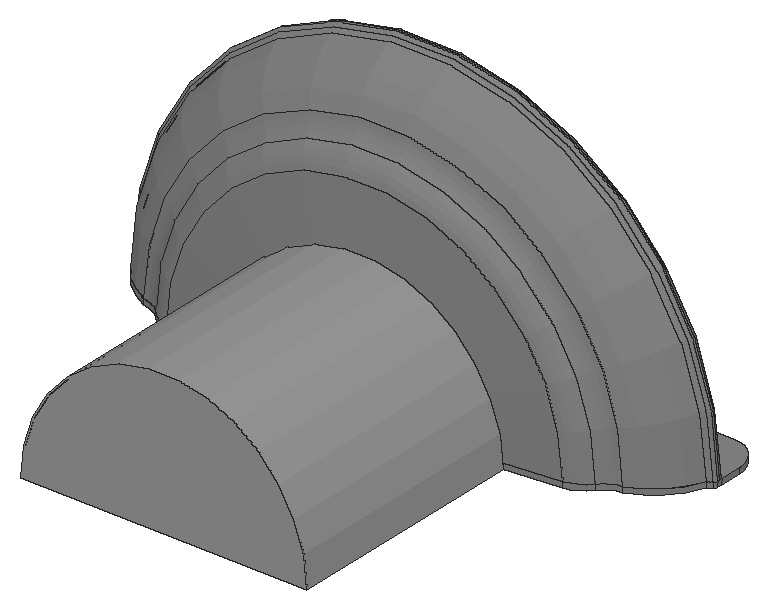
Revit family "Washfountain_4_Staion-Willoughby-WAF-5404-FLR-JR", category Plumbing Fixtures, Revit 2015
Parameters (values of type "Standard")
  water line = Copper
  Waste Connection = no
  Vent Connection = no
  URL = "https://www.willoughby-ind.com/wp-content/uploads/2018/01/WAF-5404.pdf"
  Type Comments = ""
  Solid Surface Sink = Solid Surface Acrylic Resin-Willoughby
  Revision = "A"
  Model = "WAF-5404-FLR-JR"
  Manufacturer = "Willoughby Industries"
  Lav Waste DIA = 1 1/2"
  Lav Waste Connection = yes
  LAV HW DIA = 1/2"
  LAV CW DIA = 1/2"
  HW Connection = yes
  Fixture Body = Stainless Steel AISI 304-Willoughby
  Description = "Floor Mounted 4 Station Washfountain, Junior Height"
  Default Elevation = 0' - 0"
  Contact = "(800) 428-4065"
  CW Connection = yes
Reference planes (in)
  plane 1 "Center (Front/Back)Floor HGT": y = 0
  plane 2: z = 0
  plane 3 "Center (Left/Right)": x = 0
  plane 4 "unit body HGT": y = 39
  plane 5: y = 39.5
  plane 6 "Sink HGT": y = 34
  plane 7 "Base HGT": y = 9.5
  plane 8 "Sink Drain": y = 19.5
  plane 9 "Bottom Of Bowl": y = 25.5
  plane 10: x = -6.845
  plane 11: x = 6.845
  plane 12: x = -27
  plane 13: z = 27
  plane 14 "Splash Face": z = 0.5
  plane 15: z = 13.25
  plane 16: x = -13.25
  plane 17: x = 13.25
  plane 18 "Water Supply": y = 18.5
  plane 19 "Hot Supply": x = 4
  plane 20 "Cold Supply": x = 8
  plane 21 "bubbler HGT": y = 35.66
  plane 22: y = 14.75
  plane 23: x = -9.5
  plane 24: x = 9.5
Forms (in)
  Extrusion 1, solid, material "Solid Surface Acrylic Resin-Willoughby" <- "Solid Surface Sink"
    sketch origin (0, 0, 0) x (1, 0, 0) y (0, 1, 0)
      loop
        line (-6.845, 25.5) -> (6.845, 25.5) -> (11.52413, 25.68856)
        arc (11.52413, 25.68856) -> (14.92598, 25.93546) -> (18.30491, 26.40063) r 53.01
        arc (18.30491, 26.40063) -> (19.41375, 26.83168) -> (20.31491, 27.60836) r 3.51
        arc (20.31491, 27.60836) -> (21.16213, 28.2452) -> (22.16491, 28.58836) r 3.38
        arc (22.16491, 28.58836) -> (24.73032, 30.26295) -> (26.40491, 32.82836) r 7.45
        arc (26.40491, 32.82836) -> (26.54572, 33.0411) -> (26.75847, 33.18191) r 0.63983
        arc (26.75847, 33.18191) -> (26.93397, 33.32403) -> (27, 33.54) r 0.38621
        line (27, 33.54) -> (27, 34) -> (27, 36)
        arc (27, 36) -> (26.12132, 38.12132) -> (24, 39) r 3
        line (24, 39) -> (0, 39) -> (-24, 39)
        arc (-24, 39) -> (-26.12132, 38.12132) -> (-27, 36) r 3
        line (-27, 36) -> (-27, 34) -> (-27, 33.54)
        arc (-27, 33.54) -> (-26.93397, 33.32403) -> (-26.75847, 33.18191) r 0.38621
        arc (-26.75847, 33.18191) -> (-26.54572, 33.0411) -> (-26.40491, 32.82836) r 0.63983
        arc (-26.40491, 32.82836) -> (-24.73032, 30.26295) -> (-22.16491, 28.58836) r 7.45
        arc (-22.16491, 28.58836) -> (-21.16213, 28.2452) -> (-20.31491, 27.60836) r 3.38
        arc (-20.31491, 27.60836) -> (-19.41375, 26.83168) -> (-18.30491, 26.40063) r 3.51
        arc (-18.30491, 26.40063) -> (-14.92598, 25.93546) -> (-11.52413, 25.68856) r 53.01
        line (-11.52413, 25.68856) -> (-6.845, 25.5)
    from 0 to 0.5
  Revolve 2, solid, material "Solid Surface Acrylic Resin-Willoughby" <- "Solid Surface Sink"
    sketch origin (0, 0, 0.5) x (1, 0, 0) y (0, 1, 0)
      loop
        line (27, 33.54) -> (27, 33.75)
        arc (27, 33.75) -> (26.92678, 33.92678) -> (26.75, 34) r 0.25
        arc (26.75, 34) -> (26.59277, 33.93487) -> (26.52764, 33.77764) r 0.22236
        arc (26.52764, 33.77764) -> (26.51299, 33.66399) -> (26.43525, 33.57981) r 0.1886
        arc (26.43525, 33.57981) -> (26.14057, 33.33951) -> (25.94132, 33.01566) r 1.13983
        arc (25.94132, 33.01566) -> (24.38046, 30.64844) -> (22.02426, 29.07099) r 7.17314
        arc (22.02426, 29.07099) -> (20.89405, 28.6688) -> (19.94072, 27.94059) r 3.88
        arc (19.94072, 27.94059) -> (19.16738, 27.26699) -> (18.21278, 26.89214) r 3.01
        arc (18.21278, 26.89214) -> (14.86971, 26.4323) -> (11.504, 26.18815) r 52.51
        line (11.504, 26.18815) -> (6.83493, 26) -> (0, 26) -> (0, 25.5) -> (6.845, 25.5) -> (11.52413, 25.68856)
        arc (11.52413, 25.68856) -> (14.92598, 25.93546) -> (18.30491, 26.40063) r 53.01
        arc (18.30491, 26.40063) -> (19.41375, 26.83168) -> (20.31491, 27.60836) r 3.51
        arc (20.31491, 27.60836) -> (21.16213, 28.2452) -> (22.16491, 28.58836) r 3.38
        arc (22.16491, 28.58836) -> (24.71623, 30.27704) -> (26.40491, 32.82836) r 7.67314
        arc (26.40491, 32.82836) -> (26.54572, 33.0411) -> (26.75847, 33.18191) r 0.63983
        arc (26.75847, 33.18191) -> (26.93397, 33.32403) -> (27, 33.54) r 0.38621
      axis (0, 34) -> (0, 25.5)
    angle from 0 to -180
  Extrusion 3, solid, material "Solid Surface Acrylic Resin-Willoughby" <- "Solid Surface Sink", detail levels medium+fine
    sketch origin (0, 39, 0) x (-1, 0, 0) y (0, 0, 1)
      loop
        line (0, 0) -> (9.5, 0) -> (9.5, 2.25) -> (7.17997, 10.26834)
        arc (7.17997, 10.26834) -> (6.34293, 11.1678) -> (5.16, 11.5) r 2.27225
        line (5.16, 11.5) -> (0, 11.5) -> (-5.16, 11.5)
        arc (-5.16, 11.5) -> (-6.34293, 11.1678) -> (-7.17997, 10.26834) r 2.27225
        line (-7.17997, 10.26834) -> (-9.5, 2.25) -> (-9.5, 0) -> (0, 0)
    from 0 to 0.5
  Extrusion 4, solid, material "Solid Surface Acrylic Resin-Willoughby" <- "Solid Surface Sink", detail levels medium+fine
    sketch origin (0, 39, 0) x (-1, 0, 0) y (0, 0, 1)
      loop
        line (-9, 0) -> (0, 0) -> (9, 0) -> (9, 2.17912) -> (6.76115, 9.91691)
        arc (6.76115, 9.91691) -> (6.22154, 10.69903) -> (5.32025, 11) r 1.5
        line (5.32025, 11) -> (0, 11) -> (-5.32025, 11)
        arc (-5.32025, 11) -> (-6.22154, 10.69903) -> (-6.76115, 9.91691) r 1.5
        line (-6.76115, 9.91691) -> (-9, 2.17912) -> (-9, 0)
    from 0 to -5
  Revolve 5, solid, material "Stainless Steel AISI 304-Willoughby" <- "Fixture Body"
    sketch origin (0, 0, 0) x (1, 0, 0) y (0, 1, 0)
      loop
        line (-13.25, 25.79323) -> (-13.25, 3.125) -> (0, 3.125) -> (0, 3.2527) -> (-13.125, 3.2527) -> (-13.125, 25.79323) -> (-13.25, 25.79323)
      axis (0, 25.79323) -> (0, 3.125)
    angle from 0 to -180
  Revolve 6, solid, material "Stainless Steel AISI 304-Willoughby" <- "Fixture Body", detail levels medium+fine
    sketch origin (0, 19.5, 0) x (-1, 0, 0) y (0, 0, 1)
      loop
        line (0, 0) -> (0.75, 0) -> (0.75, 3) -> (0, 3) -> (0, 0)
      axis (0, 3) -> (0, 0)
    angle from 0 to 360
  Revolve 7, solid, material "Copper" <- "water line", detail levels medium+fine
    sketch origin (0, 18.5, 0) x (-1, 0, 0) y (0, 0, 1)
      loop
        line (-4, 0) -> (-3.75, 0) -> (-3.75, 3) -> (-4, 3) -> (-4, 0)
      axis (-4, 3) -> (-4, 0)
    angle from 0 to 360
  Revolve 8, solid, material "Copper" <- "water line", detail levels medium+fine
    sketch origin (0, 18.5, 0) x (-1, 0, 0) y (0, 0, 1)
      loop
        line (-8, 0) -> (-7.75, 0) -> (-7.75, 3) -> (-8, 3) -> (-8, 0)
      axis (-8, 3) -> (-8, 0)
    angle from 0 to 360
  Revolve 9, solid, material "Stainless Steel AISI 304-Willoughby" <- "Fixture Body", detail levels fine
    sketch origin (-0.77078, 35.66, 3.56728) x (-0.275637, 0, 0.961262) y (0.961262, 0, 0.275637)
      loop
        line (0, 9) -> (0.75, 9) -> (0.75, 9.5)
        arc (0.75, 9.5) -> (0.53033, 10.03033) -> (0, 10.25) r 0.75
        line (0, 10.25) -> (0, 9)
      axis (0, 10.25) -> (0, 9)
    angle from 0 to 360
  Revolve 10, solid, material "Stainless Steel AISI 304-Willoughby" <- "Fixture Body", detail levels fine
    sketch origin (-0.77078, 0, 3.56728) x (0, 1, 0) y (0.961262, 0, 0.275637)
      loop
        line (34.91, 9.5) -> (35.26355, 9.85355) -> (34.91, 10.20711) -> (34.55645, 9.85355) -> (34.91, 9.5)
      axis (34.91, 10.20711) -> (35.26355, 9.85355)
    angle from 0 to 360
  Revolve 11, solid, material "Stainless Steel AISI 304-Willoughby" <- "Fixture Body", detail levels fine
    sketch origin (0.77078, 35.66, 3.56728) x (0.275637, 0, 0.961262) y (-0.961262, 0, 0.275637)
      loop
        line (0, 9) -> (0.75, 9) -> (0.75, 9.5)
        arc (0.75, 9.5) -> (0.53033, 10.03033) -> (0, 10.25) r 0.75
        line (0, 10.25) -> (0, 9)
      axis (0, 10.25) -> (0, 9)
    angle from 0 to 360
  Revolve 12, solid, material "Stainless Steel AISI 304-Willoughby" <- "Fixture Body", detail levels fine
    sketch origin (0.77078, 0, 3.56728) x (0, 1, 0) y (0.961262, 0, -0.275637)
      loop
        line (34.91, -9.5) -> (34.55645, -9.85355) -> (34.91, -10.20711) -> (35.26355, -9.85355) -> (34.91, -9.5)
      axis (34.91, -10.20711) -> (35.26355, -9.85355)
    angle from 0 to 360
  Revolve 13, solid, material "Stainless Steel AISI 304-Willoughby" <- "Fixture Body", detail levels fine
    sketch origin (3.16, 35.66, 2) x (-1, 0, 0) y (0, 0, 1)
      loop
        line (0, 9) -> (0.75, 9) -> (0.75, 9.5)
        arc (0.75, 9.5) -> (0.53033, 10.03033) -> (0, 10.25) r 0.75
        line (0, 10.25) -> (0, 9)
      axis (0, 10.25) -> (0, 9)
    angle from 0 to 360
  Revolve 14, solid, material "Stainless Steel AISI 304-Willoughby" <- "Fixture Body", detail levels fine
    sketch origin (3.16, 0, 2) x (0, 1, 0) y (0, 0, 1)
      loop
        line (34.91, 9.5) -> (35.26355, 9.85355) -> (34.91, 10.20711) -> (34.55645, 9.85355) -> (34.91, 9.5)
      axis (34.91, 10.20711) -> (35.26355, 9.85355)
    angle from 0 to 360
  Revolve 15, solid, material "Stainless Steel AISI 304-Willoughby" <- "Fixture Body", detail levels fine
    sketch origin (-3.16, 35.66, 2) x (1, 0, 0) y (0, 0, 1)
      loop
        line (0, 9) -> (0.75, 9) -> (0.75, 9.5)
        arc (0.75, 9.5) -> (0.53033, 10.03033) -> (0, 10.25) r 0.75
        line (0, 10.25) -> (0, 9)
      axis (0, 10.25) -> (0, 9)
    angle from 0 to 360
  Revolve 16, solid, material "Stainless Steel AISI 304-Willoughby" <- "Fixture Body", detail levels fine
    sketch origin (-3.16, 0, 2) x (0, 1, 0) y (0, 0, -1)
      loop
        line (34.91, -9.5) -> (34.55645, -9.85355) -> (34.91, -10.20711) -> (35.26355, -9.85355) -> (34.91, -9.5)
      axis (34.91, -10.20711) -> (35.26355, -9.85355)
    angle from 0 to 360
Lines and regions (in)
  symbolic lines
    curve 1: line (-13.25, 25.79323, 0) -> (-13.25, 14.74961, 0)
    curve 2: line (-13.25, 14.74961, 0) -> (13.25, 14.74961, 0)
    curve 3: line (13.25, 14.74961, 0) -> (13.25, 25.79323, 0)
    curve 4: arc (13.25, 25.79323, 0) -> (14.81145, 25.92524, 0) -> (16.36623, 26.12076, 0) r 38.45379
    curve 5: arc (16.36623, 26.12076, 0) -> (17.32316, 26.24841, 0) -> (18.27648, 26.40063, 0) r 37.51632
    curve 6: arc (18.27648, 26.40063, 0) -> (19.40672, 26.8171, 0) -> (20.31491, 27.60836, 0) r 3.33054
    curve 7: arc (20.31491, 27.60836, 0) -> (21.16213, 28.2452, 0) -> (22.16491, 28.58836, 0) r 3.38
    curve 8: arc (22.16491, 28.58836, 0) -> (24.71623, 30.27704, 0) -> (26.40491, 32.82836, 0) r 7.67314
    curve 9: arc (26.40491, 32.82836, 0) -> (26.54572, 33.0411, 0) -> (26.75847, 33.18191, 0) r 0.63983
    curve 10: arc (26.75847, 33.18191, 0) -> (26.93397, 33.32403, 0) -> (27, 33.54, 0) r 0.38621
    curve 11: line (27, 33.54, 0) -> (27, 33.75, 0)
    curve 12: arc (27, 33.75, 0) -> (26.92678, 33.92678, 0) -> (26.75, 34, 0) r 0.25
    curve 14: line (-27, 33.75, 0) -> (-27, 33.54, 0)
    curve 15: arc (-27, 33.54, 0) -> (-26.93397, 33.32403, 0) -> (-26.75847, 33.18191, 0) r 0.38621
    curve 16: arc (-26.75847, 33.18191, 0) -> (-26.54572, 33.0411, 0) -> (-26.40491, 32.82836, 0) r 0.63983
    curve 17: arc (-26.40491, 32.82836, 0) -> (-24.71623, 30.27704, 0) -> (-22.16491, 28.58836, 0) r 7.67314
    curve 18: arc (-22.16491, 28.58836, 0) -> (-21.16213, 28.2452, 0) -> (-20.31491, 27.60836, 0) r 3.38
    curve 19: arc (-20.31491, 27.60836, 0) -> (-19.41375, 26.83168, 0) -> (-18.30491, 26.40063, 0) r 3.51
    curve 20: arc (-18.30491, 26.40063, 0) -> (-15.78528, 26.03184, 0) -> (-13.25, 25.79323, 0) r 49.45833
    curve 21: line (-13.25, 25.79323, 0) -> (13.25, 25.79323, 0)
    curve 22: line (-27, 33.75, 0) -> (-27, 36, 0)
    curve 23: arc (-27, 36, 0) -> (-26.12132, 38.12132, 0) -> (-24, 39, 0) r 3
    curve 24: line (-24, 39, 0) -> (24, 39, 0)
    curve 25: arc (24, 39, 0) -> (26.12132, 38.12132, 0) -> (27, 36, 0) r 3
    curve 26: line (27, 36, 0) -> (27, 33.75, 0)
    curve 29: line (9, 39, 0) -> (6.75, 39, 0)
    curve 30: line (9.5, 39.5, 0) -> (-9.5, 39.5, 0)
    curve 31: line (-9.5, 39.5, 0) -> (-9.5, 39, 0)
    curve 36: line (0, 14.74961, 0) -> (0, 14.74961, 13.25)
    curve 37: line (0, 14.74961, 13.25) -> (0, 25.75, 13.25)
    curve 38: arc (0, 25.75, 13.25) -> (0, 26.01168, 16.03491) -> (0, 26.40063, 18.80491) r 61.05831
    curve 39: arc (0, 26.40063, 18.80491) -> (0, 26.81192, 19.92562) -> (0, 27.60836, 20.81491) r 3.17176
    curve 40: arc (0, 27.60836, 20.81491) -> (0, 28.24513, 21.66216) -> (0, 28.58836, 22.66491) r 3.38151
    curve 41: arc (0, 28.58836, 22.66491) -> (0, 30.28272, 25.21633) -> (0, 32.83523, 26.90905) r 7.72708
    curve 42: arc (0, 32.83523, 26.90905) -> (0, 33.01009, 27.01646) -> (0, 33.14079, 27.17468) r 0.6256
    curve 43: arc (0, 33.14079, 27.17468) -> (0, 33.17429, 27.23751) -> (0, 33.20318, 27.30258) r 0.99038
    curve 44: arc (0, 33.20318, 27.30258) -> (0, 33.34154, 27.44497) -> (0, 33.53222, 27.50029) r 0.38807
    curve 45: line (0, 33.53222, 27.50029) -> (0, 33.76887, 27.50029)
    curve 46: arc (0, 33.76887, 27.50029) -> (0, 33.93547, 27.41789) -> (0, 34, 27.24359) r 0.25151
    curve 47: line (0, 34, 27.24359) -> (0, 34, 0.5)
    curve 48: line (0, 34, 0.5) -> (0, 39, 0.5)
    curve 49: line (0, 39, 0.5) -> (0, 39, 0)
    curve 50: line (0, 39, 0) -> (0, 14.74961, 0)
    curve 51: line (0, 25.5, 0) -> (0, 25.5, 7.345)
    curve 52: arc (0, 25.5, 7.345) -> (0, 25.60809, 10.29822) -> (0, 25.75, 13.25) r 257.93764
    curve 58: line (27, 35.66, 0) -> (27, 35.66, 0.5)
    curve 60: line (-27, 35.66, 0.5) -> (-27, 35.66, 0)
    curve 61: line (-27, 35.66, 0) -> (27, 35.66, 0)
    curve 62: arc (27, 35.66, 0.5) -> (0, 35.66, 27.5) -> (-27, 35.66, 0.5) r 27
    curve 63: line (9.5, 39.5, 0) -> (9.5, 39, 0)
    curve 64: line (-10.5, 14.74961, 0) -> (-10.5, 0, 0)
    curve 65: line (-10.5, 0, 0) -> (10.5, 0, 0)
    curve 66: line (10.5, 0, 0) -> (10.5, 14.74961, 0)
    curve 67: line (9.5, 14.74961, 0) -> (9.5, 0, 0)
    curve 68: line (-9.5, 14.74961, 0) -> (-9.5, 0, 0)
    curve 69: line (0, 14.74961, 9.5) -> (0, 0, 9.5)
    curve 70: line (0, 0, 9.5) -> (0, 0, 0)
    curve 71: line (0, 0, 0) -> (0, 14.74961, 0)
  symbolic lines, detail levels medium+fine
    curve 13: arc (-26.75, 34, 0) -> (-26.92678, 33.92678, 0) -> (-27, 33.75, 0) r 0.25
    curve 34: line (-26.75, 34, 0) -> (26.75, 34, 0)
    curve 35: arc (26.75, 34, 0) -> (26.92678, 33.92678, 0) -> (27, 33.75, 0) r 0.25
    curve 59: line (27, 35.66, 0.5) -> (-27, 35.66, 0.5)
  symbolic lines, detail levels fine
    curve 27: line (-9, 34, 0) -> (-9, 39, 0)
    curve 28: line (9, 39, 0) -> (9, 34, 0)
    curve 32: line (-6.845, 34, 0) -> (-6.845, 39, 0)
    curve 33: line (6.845, 34, 0) -> (6.845, 39, 0)
    curve 53: line (0, 39, 11.5) -> (0, 39.5, 11.5)
    curve 54: line (0, 39.5, 11.5) -> (0, 39.5, 0)
    curve 55: line (0, 39.5, 0) -> (0, 39, 0)
    curve 56: line (0, 39, 11) -> (0, 39, 0)
    curve 57: line (0, 34, 11) -> (0, 39, 11)
    curve 72: circle (-3.16, 35.61711, 0) r 0.74877 normal (0, 0, 1)
    curve 73: circle (3.16, 35.61711, 0) r 0.74877 normal (0, 0, 1)
    curve 74: line (7.92743, 36.40807, 0) -> (8.42743, 36.40807, 0)
    curve 75: arc (8.42743, 36.40807, 0) -> (8.91311, 36.1681, 0) -> (9.101, 35.66, 0) r 0.73236
    curve 76: arc (9.101, 35.66, 0) -> (8.88432, 35.13689, 0) -> (8.3612, 34.92021, 0) r 0.73979
    curve 77: line (8.3612, 34.92021, 0) -> (7.91584, 34.92021, 0)
    curve 78: arc (7.92743, 36.40807, 0) -> (7.83435, 36.37873, 0) -> (7.77494, 36.3013, 0) r 0.16227
    curve 79: arc (7.77494, 36.3013, 0) -> (7.68258, 35.65661, 0) -> (7.77494, 35.01192, 0) r 2.2962
    curve 80: arc (7.77494, 35.01192, 0) -> (7.82841, 34.93998, 0) -> (7.91584, 34.92021, 0) r 0.12908
    curve 81: arc (-8.511, 36.3984, 0) -> (-8.94409, 36.13781, 0) -> (-9.10894, 35.66, 0) r 0.74015
    curve 82: arc (-9.10894, 35.66, 0) -> (-8.89538, 35.14353, 0) -> (-8.38668, 34.91207, 0) r 0.76128
    curve 83: line (-8.38668, 34.91207, 0) -> (-7.89513, 34.91207, 0)
    curve 84: arc (-7.89513, 34.91207, 0) -> (-7.85727, 34.91875, 0) -> (-7.82398, 34.93797, 0) r 0.11068
    curve 85: arc (-8.511, 36.3984, 0) -> (-8.4465, 36.4075, 0) -> (-8.38141, 36.40974, 0) r 0.61511
    curve 86: line (-8.38141, 36.40974, 0) -> (-7.88141, 36.40974, 0)
    curve 87: arc (-7.88141, 36.40974, 0) -> (-7.85569, 36.4045, 0) -> (-7.83406, 36.38964, 0) r 0.06582
    curve 88: arc (-7.82398, 34.93797, 0) -> (-7.66457, 35.66343, 0) -> (-7.82398, 36.3889, 0) r 1.73045
    curve 89: arc (3.91272, 35.66, 11.5) -> (3.16272, 35.66, 12.25) -> (2.41272, 35.66, 11.5) r 0.75
    curve 90: arc (-2.4026, 35.66, 11.5) -> (-3.1526, 35.66, 12.25) -> (-3.9026, 35.66, 11.5) r 0.75
    curve 91: arc (-8.15294, 35.66, 6.90564) -> (-9.08169, 35.66, 6.3936) -> (-8.56985, 35.66, 5.46474) r 0.75
    curve 92: arc (8.56977, 35.66, 5.46502) -> (9.0772, 35.66, 6.3926) -> (8.15286, 35.66, 6.90592) r 0.75002
Dimensions and locks (in)
  equal spacing: plane 10, plane 3 "Center (Left/Right)", plane 11
  plane 10 to plane 11 = 1' - 1.69"
  plane 12 to plane 3 "Center (Left/Right)" = 2' - 3"
  plane 1 "Center (Front/Back)Floor HGT" to plane 22 = 1' - 2 3/4"
  plane 1 "Center (Front/Back)Floor HGT" to plane 9 "Bottom Of Bowl" = 2' - 1 1/2"
  plane 1 "Center (Front/Back)Floor HGT" to plane 5 = 3' - 3 1/2"
  plane 1 "Center (Front/Back)Floor HGT" to plane 4 "unit body HGT" = 3' - 3"
  plane 1 "Center (Front/Back)Floor HGT" to plane 6 "Sink HGT" = 2' - 10"
  plane 23 to plane 24 = 1' - 7"
  plane 16 to plane 17 = 2' - 2 1/2"
  Extrusion 1 to Extrusion 1 = 4' - 6"
  aligned and locked: Revolve 5 sketch curve to Revolve 5 sketch curve  (x3)
  aligned and locked: Revolve 6 sketch curve to Revolve 6 sketch curve
  aligned and locked: Revolve 7 sketch curve to Revolve 7 sketch curve  (x2)
  aligned and locked: Revolve 8 sketch curve to Revolve 8 sketch curve  (x2)
  aligned and locked: Revolve 10 sketch curve to Revolve 10 sketch curve  (x3)
  aligned and locked: Revolve 12 sketch curve to Revolve 12 sketch curve  (x3)
  aligned and locked: Extrusion 3 to curve 56
  aligned and locked: plane 23 to Extrusion 3 sketch curve
  aligned and locked: Revolve 14 sketch curve to Revolve 14 sketch curve  (x3)
  aligned and locked: Revolve 16 sketch curve to Revolve 16 sketch curve  (x3)
Automatic sketch dimensions
  Extrusion 1 sketch curve to plane 12 = 0' - 0"
  Extrusion 1 sketch curve to plane 4 "unit body HGT" = 0' - 0"
  Extrusion 1 sketch curve to plane 9 "Bottom Of Bowl" = 0' - 0"
  Extrusion 1 sketch curve to plane 10 = 0' - 0"
  Extrusion 1 sketch curve to plane 3 "Center (Left/Right)" = 0' - 0"
  Extrusion 1 sketch curve to plane 11 = 0' - 0"
  Extrusion 1 sketch curve to plane 6 "Sink HGT" = 0' - 0"  (x2)
  Extrusion 1 sketch curve to plane 12 = 0' - 0.00185"
  Extrusion 1 sketch curve to Extrusion 1 sketch curve = 0' - 0.38621"  (x2)
  plane 21 "bubbler HGT" to Extrusion 1 sketch curve = 0' - 0.34"
  Extrusion 1 sketch curve to plane 9 "Bottom Of Bowl" = 0' - 0.24161"  (x2)
  Extrusion 1 sketch curve to plane 12 = 0' - 4.25567"
  Extrusion 1 sketch curve to plane 21 "bubbler HGT" = 0' - 0.12911"  (x2)
  Extrusion 1 sketch curve to Extrusion 1 sketch curve = 0' - 4.53762"  (x2)
  plane 16 to Extrusion 1 sketch curve = 0' - 4.35597"
  plane 9 "Bottom Of Bowl" to Extrusion 1 sketch curve = 0' - 0.18856"  (x2)
  Extrusion 1 sketch curve to plane 16 = 0' - 1.72587"
  Extrusion 1 sketch curve to plane 23 = 0' - 0.11032"
  plane 24 to Extrusion 1 sketch curve = 0' - 0.11032"
  plane 17 to Extrusion 1 sketch curve = 0' - 1.72587"
  Extrusion 1 sketch curve to plane 17 = 0' - 4.35597"
  Extrusion 1 sketch curve to Extrusion 1 sketch curve = 0' - 1.85641"
  Extrusion 1 sketch curve to Extrusion 1 sketch curve = 0' - 5.13836"
  Extrusion 1 sketch curve to plane 6 "Sink HGT" = 0' - 0.46"  (x2)
  Extrusion 1 sketch curve to Extrusion 1 sketch curve = 0' - 2.61379"
  Extrusion 1 sketch curve to Extrusion 1 sketch curve = 0' - 0.38436"
  Extrusion 1 sketch curve to plane 6 "Sink HGT" = 0' - 4.15967"  (x2)
  Extrusion 1 sketch curve to Extrusion 1 sketch curve = 0' - 0.95132"
  Extrusion 1 sketch curve to plane 6 "Sink HGT" = 0' - 1.41132"
  plane 5 to Extrusion 1 sketch curve = 3' - 3.15557"
  Extrusion 1 sketch curve to Extrusion 1 sketch curve = 0' - 0"  (x2)
  Extrusion 1 sketch curve to Extrusion 1 sketch curve = 0' - 0.35355"  (x2)
  plane 9 "Bottom Of Bowl" to Extrusion 1 sketch curve = 0' - 3.08836"
  Extrusion 1 sketch curve to Extrusion 1 sketch curve = 0' - 1.85"  (x2)
  plane 9 "Bottom Of Bowl" to Extrusion 1 sketch curve = 0' - 0.90063"
  plane 9 "Bottom Of Bowl" to Extrusion 1 sketch curve = 0' - 2.10836"
  Revolve 2 sketch curve to Revolve 2 sketch curve = 0' - 0"  (x13)
  Revolve 2 sketch curve to plane 3 "Center (Left/Right)" = 0' - 0"  (x2)
  Revolve 2 sketch curve to plane 9 "Bottom Of Bowl" = 0' - 0"  (x2)
  Revolve 2 sketch curve to plane 11 = 0' - 0"
  Revolve 2 sketch curve to plane 6 "Sink HGT" = 0' - 0"  (x2)
  plane 11 to Revolve 2 sketch curve = 0' - 0.01007"
  plane 24 to Revolve 2 sketch curve = 0' - 0.11032"
  plane 9 "Bottom Of Bowl" to Revolve 2 sketch curve = 0' - 0.68815"
  plane 17 to Revolve 2 sketch curve = 0' - 1.746"
  plane 9 "Bottom Of Bowl" to Revolve 2 sketch curve = 0' - 0.18856"
  Revolve 2 sketch curve to Revolve 2 sketch curve = 0' - 0.02013"
  Revolve 2 sketch curve to plane 17 = 0' - 4.35597"
  plane 21 "bubbler HGT" to Revolve 2 sketch curve = 0' - 0.04277"
  Revolve 2 sketch curve to plane 17 = 0' - 6.04051"
  Revolve 2 sketch curve to plane 9 "Bottom Of Bowl" = 0' - 0.24161"
  Revolve 2 sketch curve to Revolve 2 sketch curve = 0' - 5.13836"
  Revolve 2 sketch curve to plane 6 "Sink HGT" = 0' - 0.2562"
  Revolve 2 sketch curve to Revolve 2 sketch curve = 0' - 7.0516"
  Revolve 2 sketch curve to Revolve 2 sketch curve = 0' - 0.27168"
  Revolve 2 sketch curve to Revolve 2 sketch curve = 0' - 0.13621"
  Revolve 2 sketch curve to Revolve 2 sketch curve = 0' - 0.38436"
  Revolve 2 sketch curve to Revolve 2 sketch curve = 0' - 0 1/4"
  plane 9 "Bottom Of Bowl" to Revolve 2 sketch curve = 0' - 0 1/2"
  Revolve 2 sketch curve to plane 6 "Sink HGT" = 0' - 4.15967"
  Revolve 2 sketch curve to Revolve 2 sketch curve = 0' - 1.16132"
  Revolve 2 sketch curve to Revolve 2 sketch curve = 0' - 0.21"
  Revolve 2 sketch curve to Revolve 2 sketch curve = 0' - 0.02764"
  plane 5 to Revolve 2 sketch curve = 3' - 3.15557"
  plane 9 "Bottom Of Bowl" to Revolve 2 sketch curve = 0' - 1.39214"
  Revolve 2 sketch curve to Revolve 2 sketch curve = 0' - 0.09213"
  Revolve 2 sketch curve to Revolve 2 sketch curve = 0' - 1.72794"
  Revolve 2 sketch curve to Revolve 2 sketch curve = 0' - 0.37419"
  Revolve 2 sketch curve to Revolve 2 sketch curve = 0' - 1.70935"
  Revolve 2 sketch curve to Revolve 2 sketch curve = 0' - 0.14065"
  Extrusion 3 sketch curve to level = 0' - 0"
  plane 24 to Extrusion 3 sketch curve = 0' - 0"
  Extrusion 3 sketch curve to plane 3 "Center (Left/Right)" = 0' - 0"  (x2)
  Extrusion 3 sketch curve to plane 11 = 0' - 0.33497"
  Extrusion 3 sketch curve to plane 19 "Hot Supply" = 0' - 1.16"
  Extrusion 3 sketch curve to plane 10 = 0' - 1.685"
  plane 10 to Extrusion 3 sketch curve = 0' - 0.33497"
  plane 14 "Splash Face" to Extrusion 3 sketch curve = 0' - 1 3/4"  (x2)
  Extrusion 3 sketch curve to plane 15 = 0' - 4.02225"  (x2)
  Extrusion 3 sketch curve to Extrusion 3 sketch curve = 0' - 1.04058"
  Extrusion 4 sketch curve to level = 0' - 0"
  Extrusion 4 sketch curve to plane 3 "Center (Left/Right)" = 0' - 0"  (x2)
  Extrusion 4 sketch curve to plane 19 "Hot Supply" = 0' - 1.32025"
  plane 11 to Extrusion 4 sketch curve = 0' - 0.08385"
  plane 24 to Extrusion 4 sketch curve = 0' - 0 1/2"
  Extrusion 4 sketch curve to plane 10 = 0' - 1.52475"
  Extrusion 4 sketch curve to plane 10 = 0' - 0.08385"
  Extrusion 4 sketch curve to plane 23 = 0' - 0 1/2"
  plane 14 "Splash Face" to Extrusion 4 sketch curve = 0' - 1.67912"  (x2)
  Extrusion 4 sketch curve to plane 15 = 0' - 3 3/4"
  Extrusion 4 sketch curve to Extrusion 4 sketch curve = 0' - 7.32088"
  Extrusion 4 sketch curve to Extrusion 4 sketch curve = 0' - 0.41691"
  Revolve 6 sketch curve to level = 0' - 0"  (x2)
  Revolve 6 sketch curve to plane 3 "Center (Left/Right)" = 0' - 0"
  Revolve 6 sketch curve to Revolve 6 sketch curve = 0' - 0 3/4"
  plane 14 "Splash Face" to Revolve 6 sketch curve = 0' - 2 1/2"
  Revolve 6 sketch curve to Revolve 6 sketch curve = 0' - 0"
  Revolve 7 sketch curve to level = 0' - 0"  (x2)
  plane 19 "Hot Supply" to Revolve 7 sketch curve = 0' - 0"
  plane 19 "Hot Supply" to Revolve 7 sketch curve = 0' - 0 1/4"
  plane 14 "Splash Face" to Revolve 7 sketch curve = 0' - 2 1/2"
  Revolve 8 sketch curve to level = 0' - 0"  (x2)
  plane 20 "Cold Supply" to Revolve 8 sketch curve = 0' - 0"
  plane 20 "Cold Supply" to Revolve 8 sketch curve = 0' - 0 1/4"
  plane 14 "Splash Face" to Revolve 8 sketch curve = 0' - 2 1/2"
  plane 20 "Cold Supply" to Revolve 9 sketch curve = 0' - 0.11943"
  plane 14 "Splash Face" to Revolve 9 sketch curve = 0' - 5.54801"
  Revolve 9 sketch curve to Revolve 9 sketch curve = 0' - 0 3/4"
  Revolve 9 sketch curve to Revolve 9 sketch curve = 0' - 0 1/2"
  Revolve 9 sketch curve to Revolve 9 sketch curve = 0' - 0"  (x3)
  plane 6 "Sink HGT" to Revolve 10 sketch curve = 0' - 0.55645"
  Revolve 10 sketch curve to Revolve 10 sketch curve = 0' - 0.35355"  (x3)
  Revolve 11 sketch curve to plane 10 = 0' - 1.03557"
  Revolve 11 sketch curve to plane 14 "Splash Face" = 0' - 5.54801"
  Revolve 11 sketch curve to Revolve 11 sketch curve = 0' - 0 3/4"
  Revolve 11 sketch curve to Revolve 11 sketch curve = 0' - 0 1/2"
  Revolve 11 sketch curve to Revolve 11 sketch curve = 0' - 0"  (x3)
  plane 6 "Sink HGT" to Revolve 12 sketch curve = 0' - 0.55645"
  Revolve 12 sketch curve to Revolve 12 sketch curve = 0' - 0.35355"  (x3)
  plane 19 "Hot Supply" to Revolve 13 sketch curve = 0' - 0.84"
  Revolve 13 sketch curve to Revolve 13 sketch curve = 0' - 0 3/4"
  Revolve 13 sketch curve to plane 15 = 0' - 2 1/4"
  Revolve 13 sketch curve to Revolve 13 sketch curve = 0' - 0 1/2"
  Revolve 13 sketch curve to Revolve 13 sketch curve = 0' - 0"  (x3)
  plane 6 "Sink HGT" to Revolve 14 sketch curve = 0' - 0.55645"
  Revolve 14 sketch curve to Revolve 14 sketch curve = 0' - 0.35355"  (x3)
  Revolve 14 sketch curve to plane 15 = 0' - 1 3/4"
  plane 3 "Center (Left/Right)" to Revolve 15 sketch curve = 0' - 3.16"
  Revolve 15 sketch curve to Revolve 15 sketch curve = 0' - 0 3/4"
  plane 15 to Revolve 15 sketch curve = 0' - 2 1/4"
  Revolve 15 sketch curve to Revolve 15 sketch curve = 0' - 0 1/2"
  Revolve 15 sketch curve to Revolve 15 sketch curve = 0' - 0"  (x3)
  plane 6 "Sink HGT" to Revolve 16 sketch curve = 0' - 0.55645"
  Revolve 16 sketch curve to Revolve 16 sketch curve = 0' - 0.35355"  (x3)
  Revolve 16 sketch curve to plane 15 = 0' - 1.04289"
  curve 70 to plane 1 "Center (Front/Back)Floor HGT" = 0' - 0"
  curve 37 to plane 15 = 0' - 0"
  curve 36 to level = 0' - 0"
  curve 51 to plane 9 "Bottom Of Bowl" = 0' - 0"
  curve 48 to plane 6 "Sink HGT" = 0' - 0"
  curve 53 to plane 4 "unit body HGT" = 0' - 0"
  curve 54 to plane 5 = 0' - 0"
  curve 49 to plane 14 "Splash Face" = 0' - 0"
  curve 37 to plane 22 = 0' - 0.00039"
  curve 40 to plane 9 "Bottom Of Bowl" = 0' - 0.24301"
  curve 52 to curve 37 = 0' - 0 1/4"
  plane 9 "Bottom Of Bowl" to curve 39 = 0' - 4.03065"
  plane 13 to curve 43 = 0' - 0.67166"
  curve 43 to plane 6 "Sink HGT" = 0' - 1.71586"
  curve 43 to curve 42 = 0' - 0.31552"
  curve 45 to plane 6 "Sink HGT" = 0' - 0.46778"
  plane 13 to curve 44 = 0' - 0.11233"
  curve 45 to curve 44 = 0' - 0.00919"
  curve 44 to curve 46 = 0' - 0.20715"
  curve 45 to plane 6 "Sink HGT" = 0' - 0.23113"
  plane 21 "bubbler HGT" to curve 41 = 0' - 0.08484"
  curve 38 to plane 15 = 0' - 4.3181"
  plane 5 to curve 38 = 3' - 11.15542"
  curve 52 to level = 0' - 0.61232"
  curve 38 to curve 52 = 16' - 4.65944"
  curve 70 to plane 15 = 0' - 3 3/4"
  curve 56 to plane 15 = 0' - 2 1/4"
  plane 15 to curve 39 = 0' - 5.04205"
  curve 39 to curve 41 = 0' - 1.45866"
  curve 40 to plane 13 = 0' - 3.75493"
  plane 13 to curve 47 = 0' - 0.24359"
  curve 44 to curve 46 = 0' - 0.13728"
  curve 42 to curve 43 = 0' - 0.18305"
  curve 39 to curve 38 = 0' - 0"
  plane 9 "Bottom Of Bowl" to curve 39 = 0' - 2.10836"
  curve 39 to curve 41 = 0' - 0.98"
  curve 42 to curve 41 = 0' - 0"
  curve 43 to curve 42 = 0' - 0"
  curve 56 to curve 54 = 0' - 0 1/2"
  curve 13 to plane 6 "Sink HGT" = 0' - 0"
  curve 23 to plane 4 "unit body HGT" = 0' - 0"
  curve 21 to plane 16 = 0' - 0"
  plane 1 "Center (Front/Back)Floor HGT" to curve 65 = 0' - 0"
  curve 31 to plane 23 = 0' - 0"
  curve 82 to plane 21 "bubbler HGT" = 0' - 0"
  curve 81 to plane 21 "bubbler HGT" = 0' - 0"
  curve 32 to plane 10 = 0' - 0"
  curve 29 to plane 4 "unit body HGT" = 0' - 0"
  curve 33 to plane 11 = 0' - 0"
  curve 76 to plane 21 "bubbler HGT" = 0' - 0"
  curve 63 to plane 5 = 0' - 0"
  curve 63 to plane 24 = 0' - 0"
  curve 67 to plane 24 = 0' - 0"
  curve 3 to plane 17 = 0' - 0"
  plane 16 to curve 19 = 0' - 4.35597"
  plane 21 "bubbler HGT" to curve 17 = 0' - 0.04277"
  plane 16 to curve 17 = 0' - 6.04051"
  curve 18 to plane 9 "Bottom Of Bowl" = 0' - 0.24161"
  curve 18 to curve 19 = 0' - 5.13836"
  plane 21 "bubbler HGT" to curve 23 = 0' - 0.34"
  curve 23 to curve 17 = 0' - 4.70949"
  curve 15 to curve 15 = 0' - 0.38621"
  curve 13 to curve 13 = 0' - 0 1/4"
  curve 15 to curve 16 = 0' - 0.00185"
  curve 65 to curve 68 = 0' - 1"
  plane 23 to curve 20 = 0' - 0.38483"
  plane 21 "bubbler HGT" to curve 88 = 0' - 0.00343"
  curve 88 to plane 23 = 0' - 0.10498"
  plane 21 "bubbler HGT" to curve 85 = 0' - 0.13473"
  curve 88 to curve 85 = 0' - 1.00213"
  curve 85 to curve 83 = 0' - 0.00622"
  curve 85 to curve 86 = 0' - 0.01148"
  plane 21 "bubbler HGT" to curve 81 = 0' - 0.01202"
  curve 85 to curve 81 = 0' - 0.02401"
  plane 21 "bubbler HGT" to curve 82 = 0' - 0.01236"
  curve 81 to curve 82 = 0' - 0.02112"
  curve 83 to curve 83 = 0' - 0.49155"
  curve 85 to curve 86 = 0' - 0 1/2"
  curve 72 to plane 21 "bubbler HGT" = 0' - 0.04289"
  curve 72 to plane 3 "Center (Left/Right)" = 0' - 3.16"
  curve 73 to plane 21 "bubbler HGT" = 0' - 0.04289"
  plane 19 "Hot Supply" to curve 73 = 0' - 0.84"
  plane 20 "Cold Supply" to curve 80 = 0' - 0.10117"
  plane 20 "Cold Supply" to curve 77 = 0' - 0.08416"
  plane 20 "Cold Supply" to curve 74 = 0' - 0.07257"
  curve 76 to plane 20 "Cold Supply" = 0' - 0.3612"
  curve 76 to curve 75 = 0' - 0.00765"
  curve 74 to plane 20 "Cold Supply" = 0' - 0.42743"
  curve 79 to plane 21 "bubbler HGT" = 0' - 0.00339"
  curve 79 to plane 24 = 0' - 0.47878"
  curve 65 to plane 24 = 0' - 1"
  curve 4 to plane 24 = 0' - 1.29194"
  curve 4 to curve 5 = 0' - 1.09282"
  curve 6 to plane 17 = 0' - 4.45905"
  plane 21 "bubbler HGT" to curve 8 = 0' - 0.04277"
  curve 8 to plane 17 = 0' - 6.04051"
  curve 7 to plane 9 "Bottom Of Bowl" = 0' - 0.24161"
  curve 6 to curve 7 = 0' - 5.03528"
  curve 8 to curve 24 = 0' - 4.70949"
  curve 10 to plane 6 "Sink HGT" = 0' - 0.46"
  curve 25 to curve 10 = 0' - 2.61379"
  curve 10 to curve 35 = 0' - 0.13621"
  curve 10 to curve 9 = 0' - 0.38436"
  curve 35 to curve 11 = 0' - 0 1/4"
  curve 3 to plane 22 = 0' - 0.00039"
  plane 9 "Bottom Of Bowl" to curve 3 = 0' - 0.29323"
  plane 9 "Bottom Of Bowl" to curve 6 = 0' - 4.18248"
  curve 19 to plane 6 "Sink HGT" = 0' - 4.15967"
  curve 9 to curve 11 = 0' - 0.95132"
  curve 16 to curve 13 = 0' - 1.16132"
  curve 14 to curve 13 = 0' - 0.21"
  curve 77 to plane 21 "bubbler HGT" = 0' - 0.73979"
  curve 83 to curve 84 = 0' - 0.11068"
  curve 77 to curve 80 = 0' - 0.12795"
  plane 21 "bubbler HGT" to curve 75 = 0' - 0.01806"
  curve 78 to curve 74 = 0' - 0.16227"
  curve 87 to curve 81 = 0' - 0.05448"
  curve 87 to curve 86 = 0' - 0.06582"
  plane 5 to curve 5 = 1' - 11.86845"
  curve 5 to curve 4 = 0' - 0.79992"
  curve 4 to curve 20 = 0' - 10.96857"
  plane 9 "Bottom Of Bowl" to curve 19 = 0' - 0.90063"
  plane 9 "Bottom Of Bowl" to curve 19 = 0' - 2.10836"
  curve 18 to curve 19 = 0' - 1.85"
  curve 16 to curve 17 = 0' - 0"
  curve 31 to curve 27 = 0' - 0 1/2"
  curve 86 to curve 87 = 0' - 0.04735"
  curve 83 to curve 84 = 0' - 0.07115"
  curve 87 to curve 88 = 0' - 0.01007"
  curve 29 to curve 33 = 0' - 0.095"
  curve 78 to curve 78 = 0' - 0.15248"
  plane 24 to curve 28 = 0' - 0 1/2"
  plane 9 "Bottom Of Bowl" to curve 5 = 0' - 0.62076"
  curve 6 to curve 5 = 0' - 0"
  plane 9 "Bottom Of Bowl" to curve 7 = 0' - 2.10836"
  curve 6 to curve 7 = 0' - 1.85"
  curve 9 to curve 8 = 0' - 0"
  curve 58 to plane 14 "Splash Face" = 0' - 0"
  curve 61 to level = 0' - 0"
  curve 62 to plane 3 "Center (Left/Right)" = 0' - 0"
  plane 19 "Hot Supply" to curve 89 = 0' - 0.83728"
  curve 92 to plane 20 "Cold Supply" = 0' - 0.35673"
  curve 58 to plane 17 = 1' - 1 3/4"
  curve 90 to plane 3 "Center (Left/Right)" = 0' - 3.1526"
  curve 91 to plane 23 = 0' - 1.13876"
  plane 14 "Splash Face" to curve 92 = 0' - 5.68414"
  plane 14 "Splash Face" to curve 91 = 0' - 5.68514"
  curve 90 to plane 15 = 0' - 1 3/4"
  curve 89 to plane 15 = 0' - 1 3/4"
  curve 89 to curve 89 = 0' - 0 3/4"
  curve 92 to plane 20 "Cold Supply" = 0' - 0.15286"
  curve 92 to plane 20 "Cold Supply" = 0' - 0.56977"
  curve 90 to curve 90 = 0' - 0 3/4"
  curve 91 to curve 91 = 0' - 0.20831"
  curve 91 to curve 91 = 0' - 0.2086"
  curve 91 to curve 91 = 0' - 0.72041"
  curve 92 to curve 92 = 0' - 0.71912"
  curve 68 to plane 23 = 0' - 0"
  Revolve 5 sketch curve to plane 16 = 0' - 0"
  Revolve 5 sketch curve to plane 3 "Center (Left/Right)" = 0' - 0"
  Revolve 5 sketch curve to plane 16 = 0' - 0 1/8"
  plane 9 "Bottom Of Bowl" to Revolve 5 sketch curve = 0' - 0.29323"
  Revolve 5 sketch curve to plane 22 = 0' - 11.4973"
  Revolve 5 sketch curve to plane 22 = 0' - 11 5/8"
  radius of curve 72 = 0' - 0.74877"
  radius of curve 73 = 0' - 0.74877"
Connectors (in)
  piping at (4, 18.5, 0), diameter 0.5, driven by "LAV HW DIA", driven by "HW Connection"
    settings: on Revolve 7, index 2, connector inside diameter 24", connector length 0' - 0", flow factor 0, pipe flow 0 GPM, pressure drop 0.00 psi, fitting loss kfactor 0, connector angle 0.00°, fixture units 0, engagement length 0' - 0", angle of deflection 0.00°, flow configuration 0, flow direction 1, fitting loss method 0, system type 19, joint type 0, gender type 0, connector reference index -1, connector utility 1, adjustable connector no, is connector primary yes, connector description "Hot Water Inlet"
  piping at (8, 18.5, 0), diameter 0.5, driven by "LAV CW DIA", driven by "CW Connection"
    settings: on Revolve 8, index 3, connector inside diameter 24", connector length 0' - 0", flow factor 0, pipe flow 0 GPM, pressure drop 0.00 psi, fitting loss kfactor 0, connector angle 0.00°, fixture units 0, engagement length 0' - 0", angle of deflection 0.00°, flow configuration 0, flow direction 1, fitting loss method 0, system type 20, joint type 0, gender type 0, connector reference index -1, connector utility 1, adjustable connector no, is connector primary no, connector description "Cold Waster inlet"
  piping at (0, 19.5, 0), diameter 1.5, driven by "Lav Waste DIA", driven by "Lav Waste Connection"
    settings: on Revolve 6, index 4, connector inside diameter 24", connector length 0' - 0", flow factor 0, pipe flow 0 GPM, pressure drop 0.00 psi, fitting loss kfactor 0, connector angle 0.00°, fixture units 0, engagement length 0' - 0", angle of deflection 0.00°, flow configuration 0, flow direction 2, fitting loss method 0, system type 16, joint type 0, gender type 0, connector reference index -1, connector utility 1, adjustable connector no, is connector primary no, connector description "Sink Waste"
